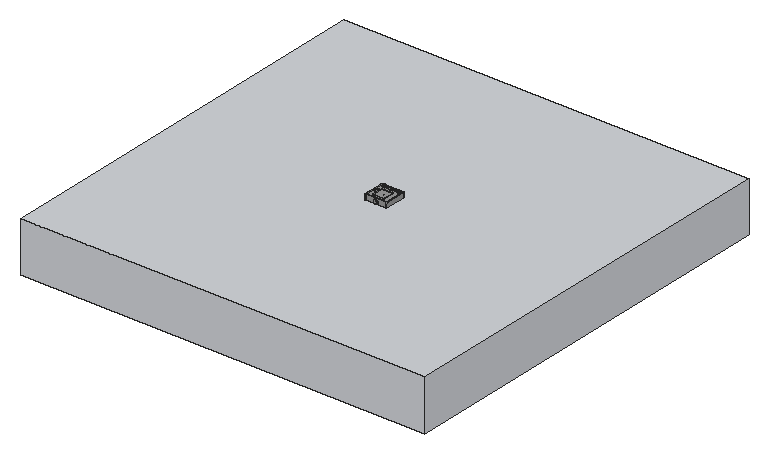
Revit family "Hekatron_Feststellanlagen_DKT 01 gr_DE_22.01", category Brandmelder, Revit 2018
Family settings
  Basisbauteil = Fläche
  Beschriftungsausrichtung beibehalten = Ja
  Bemaßung runder Anschluss = Durchmesser verwenden
  Teiletyp = Normal
  OmniClass-Nummer = 23.85.30.21
  OmniClass-Titel = Environmental Detection/Registration
  Beim Laden mit Abzugskörper schneiden = Nein
  Gemeinsam genutzt = Nein
  Raumberechnungspunkt = Nein
Parameters (values of type "DKT 01 gr")
  Zulässige Umgebungstemperatur = ""
  Zulässige Luftgeschwindigkeit = ""
  Zulassungen nach EN 54 = ""
  Width [instance] = 130 mm
  Version des BIM Objektes = "22.01"
  VdS-Anerkennung = ""
  URL = "www.hekatron-brandschutz.de"
  UB A&S Artikel Nummer = "6200115"
  Typenkommentare = "Druckknopftaster DKT 01 grau"
  Tiefe (mm) = "130.0"
  Stromaufnahme = "10mA"
  Schutzart = "IP 20"
  Rauchteil einstellbar = ""
  Nettogewicht (g) = ""
  Montageart = "Aufputz"
  Modell = "DKT 01 gr"
  Material = "Polycarbonat"
  Link zum Datenblatt = ""
  Link zu ausschreiben.de = "http://www.ausschreiben.de/katalog/Hekatron/position/94"
  Link zu Produktinformation = "https://www.hekatron-planungstools.de/Produktinfo/DKT_01_gr.PDF"
  Link zu Ausschreibungstext = ""
  Leistungserklärung (DoP) = ""
  Lautstärke DIN-Ton (dB) = ""
  Kabeleinführung = "oben, unten, hinten"
  Höhe (mm) = "130.0"
  Hersteller = "Hekatron"
  Heigth [instance] = 130 mm
  Funktionsprinzip = ""
  Farbe = "grau, ähnlich RAL 7023"
  Ex-Zonen = ""
  Einstellung Temperaturklasse nach EN 54-5 = ""
  Einstellung Temperaturindex nach EN 54-5 = ""
  Einstellung Rauchempfindlichkeit nach EN 54-20 = ""
  Einstellen Rauchempfindlichkeit nach EN 54-7 = ""
  EG-Konformitätszertifikat / Zertifikat der Leistungsbeständigkeit = ""
  Durchmesser (mm) = ""
  Depth [instance] = 31 mm
  Vorgabe-Ansicht = 1200 mm
  Breite (mm) = "31.0"
  Betriebsspannung = "24 V DC"
  Beschreibung = "Aufputz, als Handauslöser für Feststellanlage maschinellen Rauchabzugsanlagen"
  Bauartgenehmigungen = ""
  Anzahl Ansaugleitungen = ""
  Ansprechtemperatur = ""
  Alarm- & Empfindlichkeitsbereich = ""
Reference planes
  plane 1 "Center (Front/Back)": y = 0
  plane 2: z = 0
  plane 3 "Center (Left/Right)": x = 0
Forms (mm)
  Extrusion 1, solid
    sketch origin (0, 0, 0) x (1, 0, 0) y (0, 1, 0)
      loop
        line (-1219.2, 1219.2) -> (-1219.2, -1219.2) -> (1219.2, -1219.2) -> (1219.2, 1219.2) -> (-1219.2, 1219.2)
    from 0 to -304.8
  Extrusion 2, solid, material "Polycarbonate, RAL 7023"
    sketch origin (0, 0, 0) x (1, 0, 0) y (0, 1, 0)
      loop
        line (62, 65) -> (-62, 65)
        arc (-62, 65) -> (-64.121, 64.121) -> (-65, 62) r 3
        line (-65, 62) -> (-65, -62)
        arc (-65, -62) -> (-64.121, -64.121) -> (-62, -65) r 3
        line (-62, -65) -> (62, -65)
        arc (62, -65) -> (64.121, -64.121) -> (65, -62) r 3
        line (65, -62) -> (65, 62)
        arc (65, 62) -> (64.121, 64.121) -> (62, 65) r 3
      loop
        line (58.5, 62) -> (-58.5, 62)
        arc (-58.5, 62) -> (-60.975, 60.975) -> (-62, 58.5) r 3.5
        line (-62, 58.5) -> (-62, -58.5)
        arc (-62, -58.5) -> (-60.975, -60.975) -> (-58.5, -62) r 3.5
        line (-58.5, -62) -> (58.5, -62)
        arc (58.5, -62) -> (60.975, -60.975) -> (62, -58.5) r 3.5
        line (62, -58.5) -> (62, 58.5)
        arc (62, 58.5) -> (60.975, 60.975) -> (58.5, 62) r 3.5
    from 0 to 31
  Extrusion 3, solid, material "Polycarbonate, RAL 7023"
    sketch origin (0, 0, 0) x (1, 0, 0) y (0, 1, 0)
      loop
        line (65, -61.8) -> (65, 61.8) -> (-58.5, 61.8)
        arc (-58.5, 61.8) -> (-60.833, 60.833) -> (-61.8, 58.5) r 3.3
        line (-61.8, 58.5) -> (-61.8, -58.5)
        arc (-61.8, -58.5) -> (-60.833, -60.833) -> (-58.5, -61.8) r 3.3
        line (-58.5, -61.8) -> (65, -61.8)
      loop
        line (33, 24.012) -> (-33, 24.012)
        arc (-33, 24.012) -> (-34.414, 23.426) -> (-35, 22.012) r 2
        line (-35, 22.012) -> (-35, -44.988)
        arc (-35, -44.988) -> (-34.414, -46.403) -> (-33, -46.988) r 2
        line (-33, -46.988) -> (33, -46.988)
        arc (33, -46.988) -> (34.414, -46.403) -> (35, -44.988) r 2
        line (35, -44.988) -> (35, 22.012)
        arc (35, 22.012) -> (34.414, 23.426) -> (33, 24.012) r 2
    from 27 to 31
  Extrusion 4, solid, material "Polycarbonate, RAL 7023"
    sketch origin (0, 0, 0) x (1, 0, 0) y (0, 1, 0)
      loop
        line (-62, 58.5) -> (-62, -58.5)
        arc (-62, -58.5) -> (-60.975, -60.975) -> (-58.5, -62) r 3.5
        line (-58.5, -62) -> (58.5, -62)
        arc (58.5, -62) -> (60.975, -60.975) -> (62, -58.5) r 3.5
        line (62, -58.5) -> (62, 58.5)
        arc (62, 58.5) -> (60.975, 60.975) -> (58.5, 62) r 3.5
        line (58.5, 62) -> (-58.5, 62)
        arc (-58.5, 62) -> (-60.975, 60.975) -> (-62, 58.5) r 3.5
    from 0 to 12
  Extrusion 5, solid, material "Stainless Steel, Polished"
    sketch origin (0, 0, 0) x (1, 0, 0) y (0, 1, 0)
      loop
        circle (-48.262, 0) r 9.502
    from 31.5 to 33
  Extrusion 6, solid, material "Polycarbonate, Clear"
    sketch origin (0, 0, 0) x (1, 0, 0) y (0, 1, 0)
      loop
        line (-35, 22.012) -> (-35, -44.988)
        arc (-35, -44.988) -> (-34.414, -46.403) -> (-33, -46.988) r 2
        line (-33, -46.988) -> (33, -46.988)
        arc (33, -46.988) -> (34.414, -46.403) -> (35, -44.988) r 2
        line (35, -44.988) -> (35, 22.012)
        arc (35, 22.012) -> (34.414, 23.426) -> (33, 24.012) r 2
        line (33, 24.012) -> (-33, 24.012)
        arc (-33, 24.012) -> (-34.414, 23.426) -> (-35, 22.012) r 2
    from 29 to 30
  Extrusion 7, void
    sketch origin (0, 0, 0) x (1, 0, 0) y (0, 1, 0)
      loop
        line (58.5, 62) -> (58.5, -62) -> (68.5, -62) -> (68.5, 62) -> (58.5, 62)
    from 27 to 32.288
  Sweep 8, void
    path in 3D
      loop
        line (65, -61.8, 31) -> (65, 61.8, 31)
    profile origin (65, 0, 31) x (-1, 0, 0) y (0, 0, 1)
      loop
        line (0, 0) -> (0, -2)
        arc (0, -2) -> (0.586, -0.586) -> (2, 0) r 2
        line (2, 0) -> (0, 0)
  Sweep 9, void
    path in 3D
      loop
        line (65, -61.8, 27) -> (65, 61.8, 27)
    profile origin (65, 0, 27) x (1, 0, 0) y (0, 0, -1)
      loop
        line (0, 0) -> (-2, 0)
        arc (-2, 0) -> (-0.586, -0.586) -> (0, -2) r 2
        line (0, -2) -> (0, 0)
  Extrusion 10, void
    sketch origin (0, 3.594, 0) x (1, 0, 0) y (0, 1, 0)
      loop
        line (0, 53.108) -> (-48, 53.108)
        arc (-48, 53.108) -> (-50.121, 52.23) -> (-51, 50.108) r 3
        line (-51, 50.108) -> (-51, 40.608)
        arc (-51, 40.608) -> (-50.121, 38.487) -> (-48, 37.608) r 3
        line (-48, 37.608) -> (0, 37.608) -> (48, 37.608)
        arc (48, 37.608) -> (50.121, 38.487) -> (51, 40.608) r 3
        line (51, 40.608) -> (51, 50.108)
        arc (51, 50.108) -> (50.121, 52.23) -> (48, 53.108) r 3
        line (48, 53.108) -> (0, 53.108)
    from 30.5 to 35.903
  Extrusion 11, solid, material "PVC"
    sketch origin (0, 3.594, 0) x (1, 0, 0) y (0, 1, 0)
      loop
        arc (-49.5, 53.108) -> (-50.561, 52.669) -> (-51, 51.608) r 1.5
        line (-51, 51.608) -> (-51, 39.108)
        arc (-51, 39.108) -> (-50.561, 38.048) -> (-49.5, 37.608) r 1.5
        line (-49.5, 37.608) -> (0, 37.608) -> (49.5, 37.608)
        arc (49.5, 37.608) -> (50.561, 38.048) -> (51, 39.108) r 1.5
        line (51, 39.108) -> (51, 51.608)
        arc (51, 51.608) -> (50.561, 52.669) -> (49.5, 53.108) r 1.5
        line (49.5, 53.108) -> (0, 53.108) -> (-49.5, 53.108)
    from 30.5 to 30.8
  Extrusion 12, solid, material "Polycarbonate, RAL 7023"
    sketch origin (0, 0, 0) x (1, 0, 0) y (0, 1, 0)
      loop
        circle (-48.262, 0) r 10.002
    from 31 to 31.5
  Extrusion 13, void
    sketch origin (0, 0, 0) x (1, 0, 0) y (0, 1, 0)
      loop
        circle (-48.262, 7.254) r 2
    from 32.5 to 35.807
  Extrusion 14, solid, material "ABS Plastic, RAL 3001"
    sketch origin (0, 1.709, 0) x (1, 0, 0) y (0, 1, 0)
      loop
        circle (0, -12.075) r 7.542
    from 16 to 26
  Extrusion 15, solid, material "ABS Plastic"
    sketch origin (2.273, 1.709, 0) x (1, 0, 0) y (0, 1, 0)
      loop
        arc (-7.523, -24.131) -> (-8.23, -24.423) -> (-8.523, -25.131) r 1
        line (-8.523, -25.131) -> (-8.523, -35.631)
        arc (-8.523, -35.631) -> (-8.23, -36.338) -> (-7.523, -36.631) r 1
        line (-7.523, -36.631) -> (2.977, -36.631)
        arc (2.977, -36.631) -> (3.684, -36.338) -> (3.977, -35.631) r 1
        line (3.977, -35.631) -> (3.977, -25.131)
        arc (3.977, -25.131) -> (3.684, -24.423) -> (2.977, -24.131) r 1
        line (2.977, -24.131) -> (-7.523, -24.131)
      loop
        arc (-7.523, -24.631) -> (-7.877, -24.777) -> (-8.023, -25.131) r 0.5
        line (-8.023, -25.131) -> (-8.023, -35.631)
        arc (-8.023, -35.631) -> (-7.877, -35.984) -> (-7.523, -36.131) r 0.5
        line (-7.523, -36.131) -> (2.977, -36.131)
        arc (2.977, -36.131) -> (3.331, -35.984) -> (3.477, -35.631) r 0.5
        line (3.477, -35.631) -> (3.477, -25.131)
        arc (3.477, -25.131) -> (3.331, -24.777) -> (2.977, -24.631) r 0.5
        line (2.977, -24.631) -> (-7.523, -24.631)
    from 12 to 12.3
  Extrusion 16, solid, material "ABS Plastic"
    sketch origin (0, 1.709, 0) x (1, 0, 0) y (0, 1, 0)
      loop
        circle (0, -12.075) r 6.542
    from 12 to 16
  Revolve 17, solid, material "LED Red, Off"
    sketch origin (0, 0, 0) x (1, 0, 0) y (0, 0, 1)
      loop
        line (0, 12) -> (0, 14)
        arc (0, 14) -> (-1.414, 13.414) -> (-2, 12) r 2
        line (-2, 12) -> (0, 12)
      axis (0, 14) -> (0, 12)
    angle from 0 to 360
  Revolve 18, solid, material "LED Green, Off"
    sketch origin (-28.78, 0, 0) x (1, 0, 0) y (0, 0, 1)
      loop
        line (0, 12) -> (0, 14)
        arc (0, 14) -> (-1.414, 13.414) -> (-2, 12) r 2
        line (-2, 12) -> (0, 12)
      axis (0, 14) -> (0, 12)
    angle from 0 to 360
  Extrusion 19, solid, material "ABS Plastic"
    sketch origin (0, 1.709, 0) x (1, 0, 0) y (0, 1, 0)
      loop
        arc (-24.526, 0.624) -> (-25.233, 0.331) -> (-25.526, -0.376) r 1
        line (-25.526, -0.376) -> (-25.526, -3.376)
        arc (-25.526, -3.376) -> (-25.233, -4.083) -> (-24.526, -4.376) r 1
        line (-24.526, -4.376) -> (-19.026, -4.376)
        arc (-19.026, -4.376) -> (-18.319, -4.083) -> (-18.026, -3.376) r 1
        line (-18.026, -3.376) -> (-18.026, -0.376)
        arc (-18.026, -0.376) -> (-18.319, 0.331) -> (-19.026, 0.624) r 1
        line (-19.026, 0.624) -> (-24.526, 0.624)
      loop
        arc (-24.526, 0.124) -> (-24.88, -0.022) -> (-25.026, -0.376) r 0.5
        line (-25.026, -0.376) -> (-25.026, -3.376)
        arc (-25.026, -3.376) -> (-24.88, -3.729) -> (-24.526, -3.876) r 0.5
        line (-24.526, -3.876) -> (-19.026, -3.876)
        arc (-19.026, -3.876) -> (-18.672, -3.729) -> (-18.526, -3.376) r 0.5
        line (-18.526, -3.376) -> (-18.526, -0.376)
        arc (-18.526, -0.376) -> (-18.672, -0.022) -> (-19.026, 0.124) r 0.5
        line (-19.026, 0.124) -> (-24.526, 0.124)
    from 12 to 12.3
  Extrusion 20, solid, material "Polycarbonate, RAL 7023"
    sketch origin (0, 0, 0) x (1, 0, 0) y (0, 0, 1)
      loop
        circle (0, 12.5) r 12
    from -67.579 to -65
  Extrusion 21, solid, material "Polycarbonate, RAL 7023"
    sketch origin (0, 0, 0) x (1, 0, 0) y (0, 0, 1)
      loop
        circle (0, 12.5) r 10
    from -69.541 to -67.579
  Extrusion 22, solid, material "Polycarbonate, RAL 7023"
    sketch origin (0, 0, 0) x (1, 0, 0) y (0, 0, -1)
      loop
        circle (0, -12.5) r 12
    from -67.579 to -65
  Extrusion 23, solid, material "Polycarbonate, RAL 7023"
    sketch origin (0, 0, 0) x (1, 0, 0) y (0, 0, -1)
      loop
        circle (0, -12.5) r 10
    from -69.541 to -67.579
Cuts and joins
  Extrusion 7 cuts Extrusion 2
  joined: Extrusion 2, Extrusion 20, Extrusion 21, Extrusion 22, Extrusion 23
  Sweep 8, Sweep 9, Extrusion 10 cuts Extrusion 3
  joined: Extrusion 3, Extrusion 12
  Extrusion 13 cuts Extrusion 5
Lines and regions (mm)
  sketch lines
    curve 1: line (65, -61.8, 31) -> (65, 61.8, 31)
    curve 2: line (65, -61.8, 27) -> (65, 61.8, 27)
Dimensions and locks
  "Width": cut or joined group of Extrusion 2, Extrusion 7, Extrusion 20, Extrusion 21, Extrusion 22, Extrusion 23 to cut or joined group of Extrusion 2, Extrusion 7, Extrusion 20, Extrusion 21, Extrusion 22, Extrusion 23
  "Heigth": cut or joined group of Extrusion 2, Extrusion 7, Extrusion 20, Extrusion 21, Extrusion 22, Extrusion 23 to cut or joined group of Extrusion 2, Extrusion 7, Extrusion 20, Extrusion 21, Extrusion 22, Extrusion 23
  "Depth": cut or joined group of Extrusion 2, Extrusion 7, Extrusion 20, Extrusion 21, Extrusion 22, Extrusion 23 to Extrusion 1
  aligned and locked: plane 2 to Extrusion 1
  aligned and locked: level to Extrusion 1
Automatic sketch dimensions
  Extrusion 1 sketch curve to Extrusion 1 sketch curve = 2438.4 mm  (x2)
  Extrusion 2 sketch curve to plane 3 "Center (Left/Right)" = 65 mm
  Extrusion 2 sketch curve to Extrusion 2 sketch curve = 3 mm  (x3)
  Extrusion 2 sketch curve to Extrusion 2 sketch curve = 0 mm  (x3)
  Extrusion 2 sketch curve to Extrusion 2 sketch curve = 3.5 mm  (x5)
  plane 3 "Center (Left/Right)" to Extrusion 2 sketch curve = 58.5 mm  (x2)
  plane 1 "Center (Front/Back)" to Extrusion 2 sketch curve = 65 mm
  Extrusion 2 sketch curve to plane 1 "Center (Front/Back)" = 58.5 mm
  Extrusion 3 sketch curve to plane 3 "Center (Left/Right)" = 61.8 mm
  Extrusion 3 sketch curve to Extrusion 3 sketch curve = 3.3 mm  (x2)
  Extrusion 3 sketch curve to plane 3 "Center (Left/Right)" = 35 mm
  Extrusion 3 sketch curve to Extrusion 3 sketch curve = 2 mm  (x3)
  plane 3 "Center (Left/Right)" to Extrusion 3 sketch curve = 33 mm  (x2)
  Extrusion 3 sketch curve to Extrusion 3 sketch curve = 32 mm
  plane 1 "Center (Front/Back)" to Extrusion 3 sketch curve = 61.8 mm
  Extrusion 3 sketch curve to Extrusion 3 sketch curve = 11.512 mm
  Extrusion 3 sketch curve to plane 1 "Center (Front/Back)" = 22.012 mm
  Extrusion 3 sketch curve to Extrusion 3 sketch curve = 34.488 mm
  Extrusion 4 sketch curve to plane 3 "Center (Left/Right)" = 62 mm
  Extrusion 4 sketch curve to Extrusion 4 sketch curve = 3.5 mm  (x3)
  plane 3 "Center (Left/Right)" to Extrusion 4 sketch curve = 58.5 mm  (x2)
  plane 1 "Center (Front/Back)" to Extrusion 4 sketch curve = 62 mm
  Extrusion 4 sketch curve to plane 1 "Center (Front/Back)" = 58.5 mm
  plane 1 "Center (Front/Back)" to Extrusion 5 sketch curve = 0 mm
  Extrusion 5 sketch curve to plane 3 "Center (Left/Right)" = 48.262 mm
  Extrusion 6 sketch curve to plane 3 "Center (Left/Right)" = 35 mm
  Extrusion 6 sketch curve to Extrusion 6 sketch curve = 2 mm  (x3)
  plane 3 "Center (Left/Right)" to Extrusion 6 sketch curve = 33 mm  (x2)
  plane 1 "Center (Front/Back)" to Extrusion 6 sketch curve = 46.988 mm
  Extrusion 6 sketch curve to plane 1 "Center (Front/Back)" = 22.012 mm
  plane 3 "Center (Left/Right)" to Extrusion 7 sketch curve = 58.5 mm
  Extrusion 7 sketch curve to Extrusion 7 sketch curve = 10 mm
  plane 1 "Center (Front/Back)" to Extrusion 7 sketch curve = 62 mm
  Extrusion 7 sketch curve to plane 1 "Center (Front/Back)" = 62 mm
  Sweep 8 sketch curve to profile plane = 0 mm  (x2)
  Sweep 8 sketch curve to profile plane = 2 mm
  Sweep 9 sketch curve to profile plane = 0 mm
  profile plane to Sweep 9 sketch curve = 0 mm
  profile plane to Sweep 9 sketch curve = 2 mm
  Extrusion 10 sketch curve to plane 3 "Center (Left/Right)" = 0 mm  (x2)
  Extrusion 10 sketch curve to plane 3 "Center (Left/Right)" = 48 mm
  Extrusion 10 sketch curve to Extrusion 10 sketch curve = 0 mm  (x2)
  Extrusion 10 sketch curve to Extrusion 10 sketch curve = 3 mm  (x2)
  plane 3 "Center (Left/Right)" to Extrusion 10 sketch curve = 48 mm
  Extrusion 10 sketch curve to plane 1 "Center (Front/Back)" = 41.202 mm
  Extrusion 10 sketch curve to Extrusion 10 sketch curve = 9.5 mm
  Extrusion 11 sketch curve to plane 3 "Center (Left/Right)" = 0 mm  (x2)
  Extrusion 11 sketch curve to Extrusion 11 sketch curve = 49.5 mm
  Extrusion 11 sketch curve to Extrusion 11 sketch curve = 0 mm  (x2)
  Extrusion 11 sketch curve to Extrusion 11 sketch curve = 1.5 mm  (x2)
  plane 3 "Center (Left/Right)" to Extrusion 11 sketch curve = 49.5 mm
  Extrusion 11 sketch curve to plane 1 "Center (Front/Back)" = 41.202 mm
  Extrusion 11 sketch curve to Extrusion 11 sketch curve = 12.5 mm
  Extrusion 12 sketch curve to Extrusion 12 sketch curve = 0 mm  (x2)
  plane 1 "Center (Front/Back)" to Extrusion 12 sketch curve = 0 mm
  Extrusion 12 sketch curve to plane 3 "Center (Left/Right)" = 48.262 mm
  Extrusion 12 sketch curve to Extrusion 12 sketch curve = 10.002 mm
  Extrusion 13 sketch curve to plane 1 "Center (Front/Back)" = 7.254 mm
  Extrusion 13 sketch curve to plane 3 "Center (Left/Right)" = 48.262 mm
  Extrusion 14 sketch curve to plane 3 "Center (Left/Right)" = 0 mm
  plane 1 "Center (Front/Back)" to Extrusion 14 sketch curve = 10.366 mm
  Extrusion 15 sketch curve to Extrusion 15 sketch curve = 0 mm  (x8)
  Extrusion 15 sketch curve to plane 3 "Center (Left/Right)" = 6.25 mm
  Extrusion 15 sketch curve to Extrusion 15 sketch curve = 0.5 mm  (x4)
  plane 3 "Center (Left/Right)" to Extrusion 15 sketch curve = 5.25 mm  (x2)
  plane 1 "Center (Front/Back)" to Extrusion 15 sketch curve = 34.922 mm
  Extrusion 15 sketch curve to Extrusion 15 sketch curve = 10.5 mm
  Extrusion 16 sketch curve to Extrusion 16 sketch curve = 0 mm  (x2)
  Extrusion 16 sketch curve to plane 3 "Center (Left/Right)" = 0 mm
  plane 1 "Center (Front/Back)" to Extrusion 16 sketch curve = 10.366 mm
  Extrusion 16 sketch curve to Extrusion 16 sketch curve = 6.542 mm
  Revolve 17 sketch curve to plane 3 "Center (Left/Right)" = 0 mm  (x2)
  Revolve 17 sketch curve to Revolve 17 sketch curve = 2 mm
  level to Revolve 17 sketch curve = 12 mm
  Revolve 17 sketch curve to level = 609.6 mm
  Revolve 17 sketch curve to Revolve 17 sketch curve = 2595.058 mm
  Revolve 18 sketch curve to plane 3 "Center (Left/Right)" = 30.78 mm
  Revolve 18 sketch curve to Revolve 18 sketch curve = 2 mm
  level to Revolve 18 sketch curve = 12 mm
  Revolve 18 sketch curve to plane 3 "Center (Left/Right)" = 28.78 mm
  Revolve 18 sketch curve to level = 609.6 mm
  Revolve 18 sketch curve to Revolve 18 sketch curve = 2595.058 mm
  Extrusion 19 sketch curve to Extrusion 19 sketch curve = 0 mm  (x9)
  plane 1 "Center (Front/Back)" to Extrusion 19 sketch curve = 1.667 mm  (x2)
  Extrusion 19 sketch curve to plane 3 "Center (Left/Right)" = 25.526 mm
  Extrusion 19 sketch curve to Extrusion 19 sketch curve = 0.5 mm  (x3)
  Extrusion 19 sketch curve to plane 1 "Center (Front/Back)" = 1.833 mm
  Extrusion 19 sketch curve to Extrusion 19 sketch curve = 5.5 mm
  Extrusion 20 sketch curve to plane 3 "Center (Left/Right)" = 0 mm
  level to Extrusion 20 sketch curve = 12.5 mm
  Extrusion 21 sketch curve to plane 3 "Center (Left/Right)" = 0 mm
  level to Extrusion 21 sketch curve = 12.5 mm
  Extrusion 22 sketch curve to plane 3 "Center (Left/Right)" = 0 mm
  level to Extrusion 22 sketch curve = 12.5 mm
  Extrusion 23 sketch curve to plane 3 "Center (Left/Right)" = 0 mm
  level to Extrusion 23 sketch curve = 12.5 mm
  radius of Extrusion 5 sketch curve = 9.502 mm
  radius of Extrusion 13 sketch curve = 2 mm
  radius of Extrusion 14 sketch curve = 7.542 mm
  radius of Extrusion 20 sketch curve = 12 mm
  radius of Extrusion 21 sketch curve = 10 mm
  radius of Extrusion 22 sketch curve = 12 mm
  radius of Extrusion 23 sketch curve = 10 mm
Connectors
  electrical at (0, 0, 0)
    settings: on cut or joined group of Extrusion 2, Extrusion 7, Extrusion 20, Extrusion 21, Extrusion 22, Extrusion 23, index 1, voltage 0 V, apparent load 0 VA, apparent load phase1 0 VA, apparent load phase2 0 VA, apparent load phase3 0 VA, power factor 1, load classification "Other", number of poles 1, system type 11, power factor state 1, is connector primary yes, connector utility no, sub classification motor no, connector description ""
